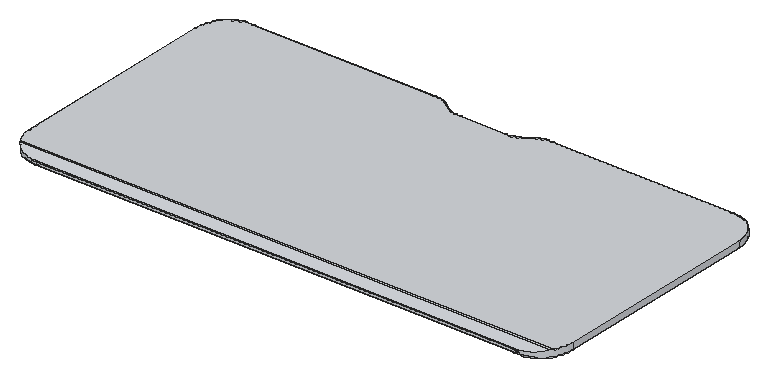
Revit family "Form_Clean Slate_PC_1K", category Generic Models, Revit 2018
Family settings
  Can host rebar = No
  Round Connector Dimension = Use Diameter
  Part Type = Normal
  Work Plane-Based = No
  Always vertical = Yes
  Cut with Voids When Loaded = No
  Shared = No
  Room Calculation Point = No
Parameters
  Material = none
Reference planes
  plane 1 "Center (Front/Back)": y = 0
  plane 2: z = 0
  plane 3 "Center (Left/Right)": x = 0
Forms (mm)
  Sweep 1, solid, material <- "Material"
    path origin (0, 0, 0) x (1, 0, 0) y (0, 1, 0)
      loop
        line (-164.518, 381) -> (-673, 381)
        arc (-673, 381) -> (-735.933, 354.932) -> (-762, 292) r 89
        line (-762, 292) -> (-762, -292)
        arc (-762, -292) -> (-735.933, -354.932) -> (-673, -381) r 89
        line (-673, -381) -> (673, -381)
        arc (673, -381) -> (735.933, -354.932) -> (762, -292) r 89
        line (762, -292) -> (762, 292)
        arc (762, 292) -> (735.933, 354.932) -> (673, 381) r 89
        line (673, 381) -> (164.518, 381)
        arc (164.518, 381) -> (137.612, 376.112) -> (114.145, 362.074) r 76.498
        arc (114.145, 362.074) -> (90.37, 347.852) -> (63.112, 342.9) r 77.5
        line (63.112, 342.9) -> (-63.538, 342.9)
        arc (-63.538, 342.9) -> (-90.497, 347.817) -> (-113.985, 361.934) r 76.369
        arc (-113.985, 361.934) -> (-137.513, 376.075) -> (-164.518, 381) r 76.498
    profile origin (-418.759, 381, 0) x (0, -1, 0) y (0, 0, 1)
      loop
        line (0, 18.55) -> (0, 0.5)
        arc (0, 0.5) -> (0.146, 0.146) -> (0.5, 0) r 0.5
        line (0.5, 0) -> (2.932, 0) -> (2.932, 19.05) -> (0.5, 19.05)
        arc (0.5, 19.05) -> (0.146, 18.904) -> (0, 18.55) r 0.5
  Extrusion 2, solid, material <- "Material"
    sketch origin (0, 0, 0) x (1, 0, 0) y (0, 1, 0)
      loop
        arc (-673, 378.068) -> (-733.859, 352.859) -> (-759.068, 292) r 86.068
        line (-759.068, 292) -> (-759.068, -292)
        arc (-759.068, -292) -> (-733.859, -352.859) -> (-673, -378.068) r 86.068
        line (-673, -378.068) -> (673, -378.068)
        arc (673, -378.068) -> (733.859, -352.859) -> (759.068, -292) r 86.068
        line (759.068, -292) -> (759.068, 292)
        arc (759.068, 292) -> (733.859, 352.859) -> (673, 378.068) r 86.068
        line (673, 378.068) -> (164.407, 378.068)
        arc (164.407, 378.068) -> (138.507, 373.316) -> (115.939, 359.748) r 73.567
        arc (115.939, 359.748) -> (90.646, 344.749) -> (61.631, 339.968) r 79.512
        line (61.631, 339.968) -> (-61.631, 339.968)
        arc (-61.631, 339.968) -> (-90.646, 344.749) -> (-115.939, 359.748) r 79.512
        arc (-115.939, 359.748) -> (-138.611, 373.355) -> (-164.628, 378.068) r 73.567
        line (-164.628, 378.068) -> (-673, 378.068)
    from 0 to 19.05
  Extrusion 3, void
    sketch origin (0, 0, -744.375) x (0, 1, 0) y (0, 0, 1)
      loop
        line (-292.1, 763.425) -> (-292.1, 765.901) -> (-382.1, 765.901) -> (-382.1, 754.378) -> (-382.1, 752.654) -> (-381, 752.654) -> (-381, 753.689)
        arc (-381, 753.689) -> (-380.813, 754.233) -> (-380.332, 754.547) r 0.885
        line (-380.332, 754.547) -> (-347.532, 762.84)
        arc (-347.532, 762.84) -> (-345.2, 763.278) -> (-342.832, 763.425) r 19.174
        line (-342.832, 763.425) -> (-292.1, 763.425)
    from -819.289 to 830.034
  Extrusion 4, solid, material <- "Material"
    sketch origin (0, 0, 0) x (1, 0, 0) y (0, 1, 0)
      loop
        arc (-673, 378.068) -> (-733.859, 352.859) -> (-759.068, 292) r 86.068
        line (-759.068, 292) -> (-759.068, -292)
        arc (-759.068, -292) -> (-733.859, -352.859) -> (-673, -378.068) r 86.068
        line (-673, -378.068) -> (673, -378.068)
        arc (673, -378.068) -> (733.859, -352.859) -> (759.068, -292) r 86.068
        line (759.068, -292) -> (759.068, 292)
        arc (759.068, 292) -> (733.859, 352.859) -> (673, 378.068) r 86.068
        line (673, 378.068) -> (164.518, 378.068)
        arc (164.518, 378.068) -> (138.643, 373.368) -> (116.075, 359.867) r 73.567
        arc (116.075, 359.867) -> (91.401, 345.107) -> (63.112, 339.968) r 80.432
        line (63.112, 339.968) -> (-63.538, 339.968)
        arc (-63.538, 339.968) -> (-91.532, 345.074) -> (-115.922, 359.733) r 79.301
        arc (-115.922, 359.733) -> (-138.548, 373.332) -> (-164.518, 378.068) r 73.567
        line (-164.518, 378.068) -> (-673, 378.068)
    from 0 to 19.05
Cuts and joins
  Extrusion 3 cuts Sweep 1
  Extrusion 3 cuts Extrusion 2
  Extrusion 3 cuts Extrusion 4
  joined: Sweep 1, Extrusion 2, Extrusion 4
Dimensions and locks
  aligned and locked: level to plane 2
